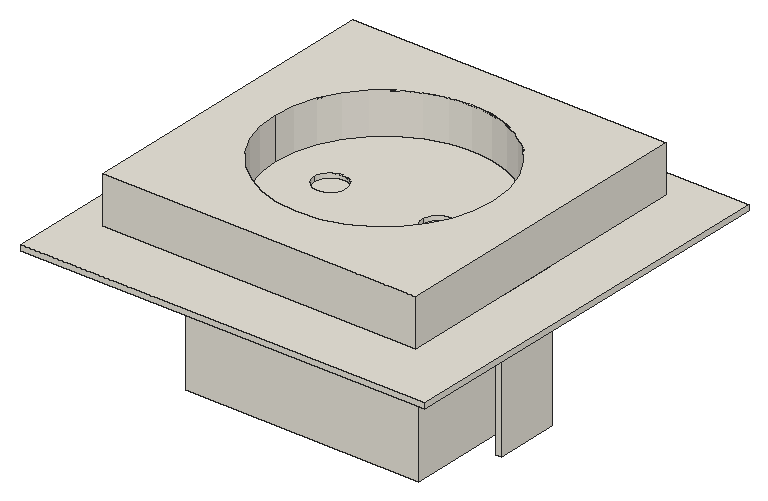
Revit family "Gira_2776005", category Electrical Fixtures, host Face, Revit 2017
Family settings
  Host = Face
  Maintain Annotation Orientation = Yes
  Round Connector Dimension = Use Diameter
  Part Type = Normal
  Cut with Voids When Loaded = No
  Shared = No
  Room Calculation Point = No
Parameters (values of type "Steckd. BS 13 A SH System 55 Schwarz m")
  Überspannungsschutz = "No"
  Werkstoffgüte = "sonstige"
  Werkstoff = "sonstige"
  Verdrehter Zentraleinsatz = "No"
  URL = "http://katalog.gira.de/de_DE/datenblatt.html?artikelnr=2776005"
  Transparent = "No"
  Textfeld/Beschriftungsfläche = "No"
  Sonderstromversorgung = "ohne Sonderstromversorgung"
  Schutzleiterkontakt rund = "No"
  Schutzkontakt = "No"
  Region = "DE"
  Oberfläche = "sonstige"
  Nennstrom = "13 Ampere"
  Nennspannung = "250 Volt"
  Name = "Steckd. BS 13 A SH System 55 Schwarz m"
  Montageart = "unter Putz"
  Model = "SYS55_Steckdose"
  Mit erhöhtem Berührungsschutz = "Yes"
  Mit eingebauter USB-Spannungsversorgung = "No"
  Mit Signallampe = "No"
  Mit Orientierungsbeleuchtung = "No"
  Mit Klappdeckel = "No"
  Mit Funktionsbeleuchtung = "No"
  Mit Feinsicherung = "No"
  Mit Ein-/Ausschalter = "No"
  Mit Durchschleiffunktion = "No"
  Manufacturer URL = "https://www.gira.de/"
  Isolierter Einbau = "No"
  HeinzeBIM = "https://bimportal.heinze.de/bim/steckd-bs-13-a-sh-system-55-schwarz-m/9b318b37f94a441f5f982ea8084db16952f167b0"
  Halogenfrei = "No"
  HAN = "2776005"
  Geeignet für Schutzart (IP) = "IP20"
  GTIN = "4010337037774"
  Für "erschwerte Bedingungen" (nach VDE) = "No"
  Fehlerstromschutz = "No"
  Farbe = "schwarz"
  Default Elevation = 1219.2 mm
  Data sheet (1) = "https://katalog.gira.de/de_DE/download.html?artikelnr=2776005"
  Cremeweiß glänzend = Cremeweiß glänzend
  Category = "Steckdose"
  Befestigungsart = "Befestigung mit Schraube"
  Available = "Yes"
  Auswurfmechanismus = "No"
  Ausführung der Oberfläche = "matt"
  Ausführung = "British Standard"
  Aufdruck/Kennzeichnung = "ohne Aufdruck"
  Anzahl der Steckdosen schaltbar = "0 "
  Anzahl der Module (bei Modulbauweise) = "1 "
  Anzahl der Einheiten = "1 "
  Antibakterielle Behandlung = "No"
  Anschlussart = "Schraubklemme"
  Abschließbar = "No"
Reference planes
  plane 1 "Center (Front/Back)": y = 0
  plane 2 "Reference Level 0": z = 0
  plane 3 "Center (Left/Right)": x = 0
  plane 4: x = 9.5
  plane 5: x = -9.5
  plane 6: x = 9.5
  plane 7: x = -9.5
  plane 8: x = 9.5
  plane 9: x = -9.5
  plane 10: x = 17.5
  plane 11 "Reference Level 1": z = 8.2
Forms (mm)
  Extrusion 1, solid, material "Cremeweiß glänzend" <- "Cremeweiß glänzend", detail levels coarse
    sketch origin (0, 0, 0) x (1, 0, 0) y (0, 1, 0)
      loop
        line (-35.5, 35.5) -> (-35.5, -35.5) -> (35.5, -35.5) -> (35.5, 35.5) -> (-35.5, 35.5)
    from -27.5 to 8.2
  Extrusion 2, solid, material "Cremeweiß glänzend" <- "Cremeweiß glänzend", detail levels medium+fine
    sketch origin (0, 0, 0) x (1, 0, 0) y (0, 1, 0)
      loop
        line (-35.5, 35.5) -> (-35.5, -35.5) -> (35.5, -35.5) -> (35.5, 35.5) -> (-35.5, 35.5)
    from -2.2 to -3.2
  Extrusion 3, solid, material "Cremeweiß glänzend" <- "Cremeweiß glänzend", detail levels medium+fine
    sketch origin (0, 0, 0) x (1, 0, 0) y (0, 1, 0)
      loop
        line (-27.5, 27.5) -> (-27.5, -27.5) -> (27.5, -27.5) -> (27.5, 27.5) -> (-27.5, 27.5)
      loop
        circle (0, 0) r 19.2
    from 0 to 8.2
  Extrusion 4, solid, material "Cremeweiß glänzend" <- "Cremeweiß glänzend", detail levels fine
    sketch origin (0, 0, 0) x (1, 0, 0) y (0, 1, 0)
      loop
        circle (0, 0) r 19.2
      loop
        circle (9.5, 0) r 2.8
      loop
        circle (-9.5, 0) r 2.8
    from 0 to 1
  Extrusion 5, solid, material "Cremeweiß glänzend" <- "Cremeweiß glänzend", detail levels fine
    sketch origin (0, 0, 0) x (1, 0, 0) y (0, 1, 0)
      loop
        circle (-9.5, 0) r 2.8
      loop
        circle (9.5, 0) r 2.8
    from -2.2 to 0.3
  Extrusion 6, solid, material "Cremeweiß glänzend" <- "Cremeweiß glänzend", detail levels medium
    sketch origin (0, 0, 0) x (1, 0, 0) y (0, 1, 0)
      loop
        circle (0, 0) r 19.2
      loop
        circle (9.5, 0) r 2.8
      loop
        circle (-9.5, 0) r 2.8
    from 7.2 to 8.2
  Extrusion 7, solid, material "Cremeweiß glänzend" <- "Cremeweiß glänzend", detail levels medium
    sketch origin (0, 0, 0) x (1, 0, 0) y (0, 1, 0)
      loop
        circle (-9.5, 0) r 2.8
      loop
        circle (9.5, 0) r 2.8
    from 7.2 to 8.2
  Extrusion 8, solid, material "Cremeweiß glänzend" <- "Cremeweiß glänzend", detail levels medium+fine
    sketch origin (0, 0, 0) x (1, 0, 0) y (0, 1, 0)
      loop
        line (-20.5, 9) -> (-20.5, -18) -> (20.5, -18) -> (20.5, 9) -> (17.5, 9) -> (3, 21) -> (3, 24) -> (-3, 24) -> (-3, 21) -> (-17.5, 9) -> (-20.5, 9)
    from 0 to -27.5
  Extrusion 9, solid, material "Cremeweiß glänzend" <- "Cremeweiß glänzend", detail levels medium+fine
    sketch origin (0, 0, 0) x (1, 0, 0) y (0, 1, 0)
      loop
        line (-25, 5.5) -> (-25, -5.5) -> (-24, -5.5) -> (-24, 5.5) -> (-25, 5.5)
    from 0 to -27.5
  Extrusion 10, solid, material "Cremeweiß glänzend" <- "Cremeweiß glänzend", detail levels medium+fine
    sketch origin (0, 0, 0) x (-1, 0, 0) y (0, -1, 0)
      loop
        line (-25, 5.5) -> (-25, -5.5) -> (-24, -5.5) -> (-24, 5.5) -> (-25, 5.5)
    from 0 to -27.5
Dimensions and locks
  aligned and locked: plane 2 "Reference Level 0" to host face
  aligned and locked: level to host face
  aligned and locked: plane 3 "Center (Left/Right)" to nested 1
  aligned and locked: plane 1 "Center (Front/Back)" to nested 1
Nested families
  nested 1: "Steckdose 1-fach Beschriftung" at (0, 0, 0), type "Steckdose 1-fach Beschriftung"
Connectors
  electrical at (0, 9, -27.5)
    settings: on Extrusion 8, index 1, voltage 220 V, apparent load 0 VA, apparent load phase1 0 VA, apparent load phase2 0 VA, apparent load phase3 0 VA, power factor 1, load classification "Other", number of poles 1, system type 31, power factor state 1, is connector primary yes, connector utility no, sub classification motor no, connector description ""
Definition of nested family "Steckdose 1-fach Beschriftung"
  Reference planes
    plane 1: y = 0
    plane 2: x = 0
  Lines and regions (mm)
    detail lines
      curve 1: line (0, 0, 0) -> (0, 2, 0)
      curve 3: line (0, 2, 0) -> (-1, 2, 0)
      curve 4: arc (1, 3, 0) -> (0, 2, 0) -> (-1, 3, 0) r 1
      curve 5: line (0, 2, 0) -> (1, 2, 0)
    reference lines
      curve 2: line (-0.485, 3, 0) -> (2.315, 3, 0)
  Dimensions and locks
    curve 1 to curve 1 = 2 mm
    plane 1 to curve 2 = 3 mm
    curve 3 to curve 3 = 1 mm
